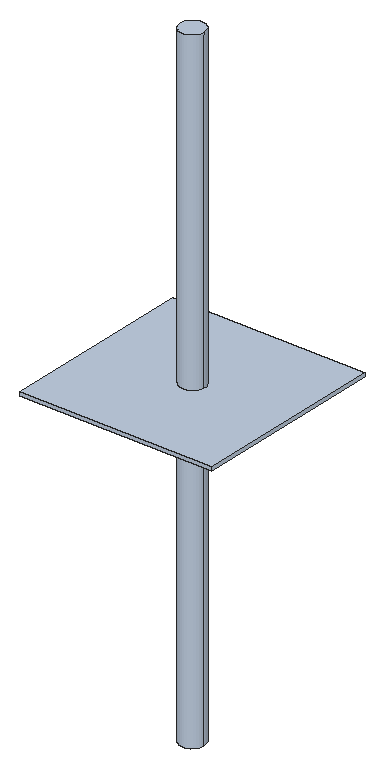
Revit family "EV_TIE ROD WATER STOP 15 L=400 _9371977", category Generic Models, Revit 2018
Family settings
  Can host rebar = No
  Round Connector Dimension = Use Diameter
  Part Type = Normal
  OmniClass Number = 35.51.14.00
  OmniClass Title = FORMWORK
  Work Plane-Based = Yes
  Always vertical = No
  Cut with Voids When Loaded = No
  Shared = Yes
  Room Calculation Point = No
Parameters (values of type "EV_TIE ROD WATER STOP 15 L=400 _9371977")
  VERSION = "20190101"  # constant formula
  URL = "www.ulmaconstruction.com/en"
  UNICLASS = ""
  Manufacturer = "ULMA CONSTRUCTION"  # constant formula
  ITEM_CODE = "9371977"
  FILTER [instance] = ""
  Default Elevation = 0.000 mm
  CLASSIFICATION_TITLE = ""
  CLASSIFICATION_NUMBER = ""
Reference planes
  plane 1 "Centro (Frontal/Posterior)": y = 0
  plane 2: z = 0
  plane 3 "Centro (Izquierda/Derecha)": x = 0
Forms (mm)
  Extrusion 1, solid, material "ULMA STEEL", detail levels medium+fine
    sketch origin (-337.479, 487.807, 0) x (1, 0, 0) y (0, 1, 0)
      loop
        line (277.479, -427.807) -> (277.479, -547.807) -> (397.479, -547.807) -> (397.479, -427.807) -> (277.479, -427.807)
    from -1 to 1
  Extrusion 2, solid, material "ULMA STEEL", detail levels medium+fine
    sketch origin (0, 0, 0) x (1, 0, 0) y (0, 1, 0)
      loop
        circle (0, 0) r 7.5
    from -200 to 200
Dimensions and locks
  aligned and locked: level to plane 2
